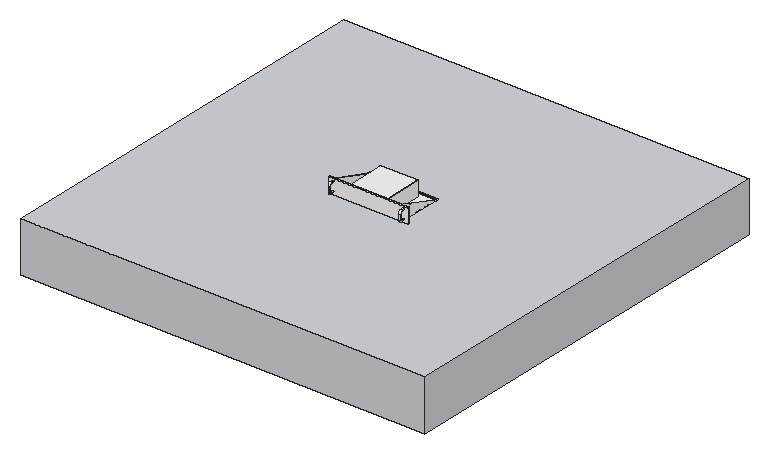
Revit family "Gira_207500", category Elektroinstallationen, Revit 2017
Family settings
  Basisbauteil = Fläche
  Beschriftungsausrichtung beibehalten = Nein
  Bemaßung runder Anschluss = Durchmesser verwenden
  Teiletyp = Normal
  Beim Laden mit Abzugskörper schneiden = Nein
  Gemeinsam genutzt = Nein
  Raumberechnungspunkt = Nein
Parameters
  Default Elevation = 1219.2 mm
  URL = "https://www.gira.de/"
  Typname = "Gira FacilityServer Gira Server"
  Produktseite = "http://katalog.gira.de/de_DE/datenblatt.html?artikelnr=207500"
  Hersteller = "Gira"
  HAN = "207500"
  GTIN = "4010337051817"
  Datenblatt = "https://katalog.gira.de/de_DE/download.html?artikelnr=207500"
  Beschreibung = "Gira FacilityServer   Gateway für die KNX Installation, speziell auf die hohen Anforderungen im gewerblichen Bereich abgestimmt. Mit dem Gira FacilityServer lassen sich Anlagen und Gebäudegewerke intelligent miteinander vernetzen und die gesamte KNX Installation zentral vom PC aus kontrollieren, steuern und programmieren. Durch Anbindung an das Internet sind Zugriff und Überwachung von Gebäude- und Anlagentechnik auch von außerhalb möglich. Dient auch als Datenserver für übergeordnete Facility-Managementsysteme, denen er gespeicherte Verbrauchs- und Betriebsdaten zur Auswertung bereitstellt. Er bietet das komplette Leistungsspektrum des Gira HomeServers, ist aber für den Einsatz im gewerblichen Bereich mit deutlich mehr Speicherplatz ausgestattet. So lassen sich wesentlich größere Datenmengen speichern und komplexere, aufwändigere Visualisierungen erstellen. Mehrere Gira FacilityServer können vernetzt werden, um auch räumlich voneinander getrennte Gebäude miteinander zu verbinden: Lokale und übergeordnete Anwendungen lassen sich kombinieren. Neben dem PC kann ein Zugriff auch über andere internetfähige Geräte erfolgen, die an ein LAN, WLAN oder das Internet angeschlossen sind. Damit sind die KNX Funktionen überall kontrollier- und steuerbar. Als komfortable Bediengeräte eignen sich auch Gira Control 9 Client, Gira Control 19 Client 2 und Gira HomeServer App. Die App ist im Apple App Store und Google Play Store verfügbar und lässt sich auf Smartphones sowie auf Tablets verwenden.  Merkmale: - Updatefähig. - Einbau in 19-Rack. Hierfür ist im Lieferumfang ein 19-Einschub mit Aluminiumblende enthalten. Auch als Stand-alone-Gerät nutzbar. - Verwaltung von 200 Benutzern. Mehrfacher Login unter einem Benutzernamen möglich. - Archivierung von Projekten mit eigenen Inhalten, wie z. B. Grundrisszeichnungen etc. - Zyklische getriggerte Datenaufzeichnung (z. B. Temperaturverläufe, Betriebsstundenzähler, Füllstände). - Grafische Benutzeroberfläche: Visualisierung von Gebäude- bzw. Gerätezuständen mit frei positionierbaren Icons und Texten. Hinterlegen eigener Bilder und Menüstrukturen pro Benutzergruppe. - Auswertung von IP-Kameras: Aufzeichnung von Bildern und Darstellung in Visualisierung. Weiterleitung der Bild-Daten per E-Mail und FTP. Dabei sind länderspezifische Anforderungen zu berücksichtigen, insbesondere protokollspezifische Informationen und Normen im Kommunikationsbereich. - Export von Daten- bzw. Alarmaufzeichnungen im Format Excel(tm), CSV, HTML, XML. - Mathematische Funktionen (z. B. Grundrechenarten). - Speichern Abrufen von Lichtszenen. - Zeitschaltuhren, Wochenprogramm, Feiertagskalender. - Störmeldungen, Messwerte und Sensor- bzw. Aktorzustände per Push Notification und E-Mail übertragbar. Quittierung über KNX. - Selbstlernende Anwesenheitssimulation. - Fernprogrammierung per Netzwerk-, Internet-, DFÜ-Verbindung. - Senden von ASCII-Texten. - IP-Kopplung mit Fremdprodukten, die IP-Telegramme zur Steuerung erzeugen oder bearbeiten. - Verschleißarm. - Grafischer Logikeditor: Ermöglicht z. B. projektübergreifendes Kopieren von Bausteingruppen, Anlegen beliebig vieler Arbeitsblätter. Vorbereitet sind über 150 Logikbausteine. - Importieren und exportieren von globalen Bibliotheken. - Kommunikationsobjekte: Datenübernahme aus ETS per OPC-Datei oder direkt aus der knxproj-Datei. Im- und Export von Kommunikationsobjekten als CSV-Datei. - Universal-Zeitschaltuhr: Mehrere Schaltpunkte pro Uhr möglich. Verwendung von Platzhaltern in Tag, Monat, Jahr. Aktivierung Deaktivierung über Kommunikationsobjekt. Mit Astro- und Zufallsfunktion. - Datensicherung Wiederherstellung von Remanentdaten. - 14-Byte-KNX-Texte: Auswertung durch Vergleich mit Textstring. Verwendung in Push Notification, E-Mails, Statusseite. - Empfang von IP-Telegrammen: Angabe eines Adressbereichs, Extrahieren von 14-Byte-KNX-Texten, Zuordnung zu 14-Byte-KNX-Texten. - SNMP: Auslesen von numerischen und 14-Byte-KNX-Texten. Setzen von numerischen Werten, Integerwerten und Texten. Senden von SNMP-Traps über FacilityServer-Befehl. Optional ColdStart-Trap beim Start des FacilityServers. - Bedienung Statusanzeige über Agfeo-Telefonanlage. - Auswerten von webbasierten IP-Geräten (lesend schreibend). - Buszugriff mittels KNXnet IP Protokoll. - iETS-Server: Fernprogrammierung von KNX Anlagen. Freigabe der iETS-Funktion über Kommunikationsobjekt. Gira HomeServer läuft während der Programmierung über iETS ohne Einschränkung weiter. Schaltvorgänge werden weiter ausgeführt. Prozessabbild bleibt aktuell.  Hinweise : - Weitere Informationen: www.gira.de facilityserver. - Technische Angaben können je nach Versionsstand variieren bzw. verändert werden. Ebenso kann der Leistungsumfang zwischen den einzelnen Clients (QuadClient, iOS App, Android App) variieren. - Empfohlene Systemvoraussetzungen für Bediengeräte: Internet-Browser möglicher Bediengeräte müssen mindestens HTML 4.0, Java Script 1.1, CSS und Dynamic HTML unterstützen. - Gira FacilityServer Experten-Software für Betriebssysteme ab Windows XP(tm) inkl. Internet Explorer ab Version 6.0. - Übernahme der ETS-Gruppenadressen aus ETS 2, 3, 4 und 5. - Einbindung von Grafikprogrammen. - Der Gira AppShop ist der Marktplatz für interessante Lösungen und Anwendungen der intelligenten Gebäudetechnik. Inzwischen sind dort mehr als 200 Apps erhältlich, darunter Anwendungsbeschreibungen, Plug-ins, Funktionsvorlagen, Logikbausteine und Musterprojekte. Entdecken Sie jetzt Anwendungen für den Gira FacilityServer.   www.appshop.gira.de."
  BIM = "https://media.stage.bim.site/public/gira/876eb45/Gira-Facility.rfa"
  Art des Zubehörs = "sonstige"
Reference planes
  plane 1 "Center (Front/Back)": y = 0
  plane 2: z = 0
  plane 3 "Center (Left/Right)": x = 0
Forms (mm)
  Extrusion 1, solid
    sketch origin (0, 0, 0) x (1, 0, 0) y (0, 1, 0)
      loop
        line (-1219.2, 1219.2) -> (-1219.2, -1219.2) -> (1219.2, -1219.2) -> (1219.2, 1219.2) -> (-1219.2, 1219.2)
    from 0 to -304.8
  Sweep 2, solid, material "White", detail levels fine
    path origin (0, 0, 0) x (0, -1, 0) y (0, 0, 1)
      loop
        line (120.35, 16.5) -> (138.35, 16.5)
        arc (138.35, 16.5) -> (145.421, 19.429) -> (148.35, 26.5) r 10
        line (148.35, 26.5) -> (148.35, 61.5)
        arc (148.35, 61.5) -> (145.421, 68.571) -> (138.35, 71.5) r 10
        line (138.35, 71.5) -> (120.35, 71.5)
    profile origin (0, -129.35, 71.5) x (0, 0, 1) y (1, 0, 0)
      loop
        circle (0, 212.5) r 4
  Sweep 3, solid, material "White", detail levels fine
    path origin (0, 0, 0) x (0, -1, 0) y (0, 0, 1)
      loop
        line (120.35, 16.5) -> (138.35, 16.5)
        arc (138.35, 16.5) -> (145.421, 19.429) -> (148.35, 26.5) r 10
        line (148.35, 26.5) -> (148.35, 61.5)
        arc (148.35, 61.5) -> (145.421, 68.571) -> (138.35, 71.5) r 10
        line (138.35, 71.5) -> (120.35, 71.5)
    profile origin (0, -129.35, 71.5) x (0, 0, -1) y (-1, 0, 0)
      loop
        circle (0, 212.5) r 4
  Extrusion 4, solid, material "White", detail levels fine
    sketch origin (0, 0, 0) x (0, 1, 0) y (0, 0, 1)
      loop
        line (-113.35, 1.5) -> (-113.35, 0.5) -> (132.35, 0.5) -> (138.087, 0.5)
        arc (138.087, 0.5) -> (138.852, 0.652) -> (139.501, 1.086) r 2
        line (139.501, 1.086) -> (144.572, 6.157)
        arc (144.572, 6.157) -> (145.279, 6.45) -> (145.986, 6.157) r 1
        line (145.986, 6.157) -> (151.643, 0.5) -> (152.35, 1.207) -> (146.693, 6.864)
        arc (146.693, 6.864) -> (145.279, 7.45) -> (143.865, 6.864) r 2
        line (143.865, 6.864) -> (138.794, 1.793)
        arc (138.794, 1.793) -> (138.47, 1.576) -> (138.087, 1.5) r 1
        line (138.087, 1.5) -> (-113.35, 1.5)
    from -202.5 to 202.5
  Extrusion 5, solid, material "White", detail levels medium+fine
    sketch origin (0, 0, 0) x (0, 1, 0) y (0, 0, 1)
      loop
        line (-113.35, 0.5) -> (132.35, 0.5) -> (132.35, 2.5) -> (132.35, 7.5) -> (-102.65, 87.5) -> (-113.35, 87.5) -> (-113.35, 0.5)
    from 200.5 to 202.5
  Extrusion 6, solid, material "White", detail levels medium+fine
    sketch origin (0, 0, 0) x (0, 1, 0) y (0, 0, -1)
      loop
        line (-113.35, -0.5) -> (-113.35, -87.5) -> (-102.65, -87.5) -> (132.35, -7.5) -> (132.35, -2.5) -> (132.35, -0.5) -> (-113.35, -0.5)
    from 200.5 to 202.5
  Extrusion 7, solid, material "White", detail levels fine
    sketch origin (0, 0, 0) x (1, 0, 0) y (0, 0, 1)
      loop
        line (-112.75, 84) -> (-112.75, 1.5) -> (112.75, 1.5) -> (112.75, 84)
        arc (112.75, 84) -> (111.725, 86.475) -> (109.25, 87.5) r 3.5
        line (109.25, 87.5) -> (-109.25, 87.5)
        arc (-109.25, 87.5) -> (-111.725, 86.475) -> (-112.75, 84) r 3.5
    from -113.15 to 113.35
  Extrusion 8, solid, material "White", detail levels fine
    sketch origin (0, 0, 0) x (1, 0, 0) y (0, 0, 1)
      loop
        line (-241.3, 87) -> (-241.3, 1) -> (-240.3, 0) -> (240.3, 0) -> (241.3, 1) -> (241.3, 87) -> (240.3, 88) -> (-240.3, 88) -> (-241.3, 87)
    from 113.35 to 120.35
  Revolve 9, solid, material "White", detail levels fine
    sketch origin (0, 0, 24) x (1, 0, 0) y (0, 1, 0)
      loop
        line (-95.7, 158.85) -> (-98.65, 158.85) -> (-98.65, 147.35) -> (-92.45, 147.35) -> (-92.45, 183.85) -> (-95.7, 183.85) -> (-95.7, 158.85)
      axis (-92.45, 183.85) -> (-92.45, 147.35)
    angle from 0 to 360
  Extrusion 10, solid, material "White", detail levels fine
    sketch origin (0, 0, 0) x (1, 0, 0) y (0, 0, 1)
      loop
        line (-103.85, 55.8) -> (-103.85, 9.2)
        arc (-103.85, 9.2) -> (-103.557, 8.493) -> (-102.85, 8.2) r 1
        line (-102.85, 8.2) -> (-80.85, 8.2)
        arc (-80.85, 8.2) -> (-80.143, 8.493) -> (-79.85, 9.2) r 1
        line (-79.85, 9.2) -> (-79.85, 55.8)
        arc (-79.85, 55.8) -> (-80.143, 56.507) -> (-80.85, 56.8) r 1
        line (-80.85, 56.8) -> (-102.85, 56.8)
        arc (-102.85, 56.8) -> (-103.557, 56.507) -> (-103.85, 55.8) r 1
    from -113.15 to -147.35
  Extrusion 11, solid, material "White", detail levels medium
    sketch origin (0, 0, 0) x (1, 0, 0) y (0, 0, 1)
      loop
        line (-241.3, 88) -> (-241.3, 0) -> (241.3, 0) -> (241.3, 88) -> (-241.3, 88)
    from 113.35 to 120.35
  Extrusion 12, solid, material "White", detail levels medium
    sketch origin (0, 0, 0) x (0, 1, 0) y (0, 0, 1)
      loop
        line (-120.35, 75.5) -> (-152.345, 75.5) -> (-152.345, 12.5) -> (-120.35, 12.5) -> (-120.35, 75.5)
    from 208.501 to 216.5
  Extrusion 13, solid, material "White", detail levels medium
    sketch origin (0, 0, 0) x (0, 1, 0) y (0, 0, -1)
      loop
        line (-120.35, -75.5) -> (-120.35, -12.5) -> (-152.345, -12.5) -> (-152.345, -75.5) -> (-120.35, -75.5)
    from 208.501 to 216.5
  Extrusion 14, solid, material "White", detail levels medium
    sketch origin (0, 0, 0) x (1, 0, 0) y (0, 0, 1)
      loop
        line (-112.75, 87.5) -> (-112.75, 1.5) -> (112.75, 1.5) -> (112.75, 87.5) -> (-112.75, 87.5)
    from -113.15 to 113.35
  Extrusion 15, solid, material "White", detail levels medium
    sketch origin (0, 0, 0) x (1, 0, 0) y (0, 0, 1)
      loop
        line (-103.85, 56.8) -> (-103.85, 8.2) -> (-79.85, 8.2) -> (-79.85, 56.8) -> (-103.85, 56.8)
    from -113.15 to -147.35
  Extrusion 16, solid, material "White", detail levels medium
    sketch origin (0, 0, 0) x (1, 0, 0) y (0, 0, 1)
      loop
        circle (-92.45, 24) r 6.2
    from -147.35 to -183.85
  Extrusion 17, solid, material "White", detail levels coarse
    sketch origin (0, 0, 0) x (1, 0, 0) y (0, 0, 1)
      loop
        line (-241.3, 88) -> (-241.3, 0) -> (241.3, 0) -> (241.3, 88) -> (-241.3, 88)
    from -183.85 to 152.345
  Extrusion 18, solid, material "White", detail levels medium
    sketch origin (0, 0, 0) x (0, 1, 0) y (0, 0, 1)
      loop
        line (-113.35, 1.5) -> (-113.35, 0.5) -> (132.35, 0.5) -> (152.35, 0.5) -> (152.35, 1.5) -> (-113.35, 1.5)
    from -202.5 to 202.5
Dimensions and locks
  aligned and locked: plane 2 to Extrusion 1
  aligned and locked: level to Extrusion 1
Connectors
  electrical at (-92.45, 158.85, 24)
    settings: on Revolve 9, index 1, voltage 0 V, apparent load 0 VA, apparent load phase1 0 VA, apparent load phase2 0 VA, apparent load phase3 0 VA, power factor 1, load classification "Other", number of poles 1, system type 31, power factor state 1, is connector primary yes, connector utility no, sub classification motor no, connector description ""
